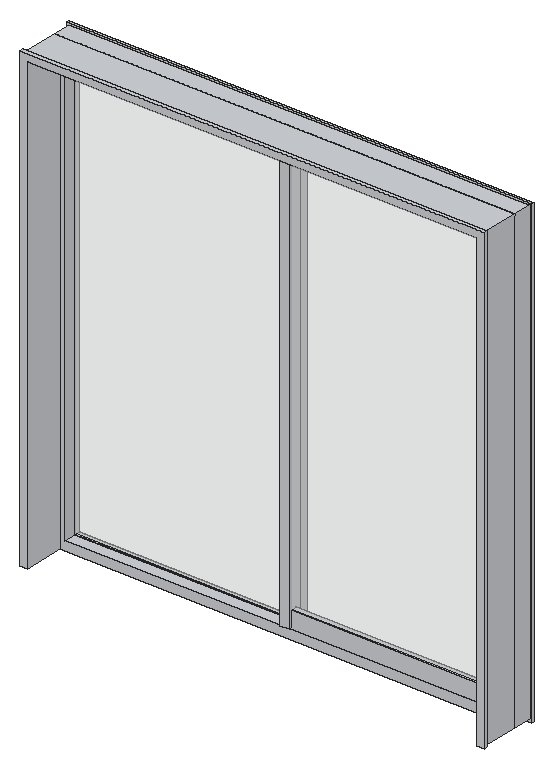
Revit family "APL Residential Thermal Heart Sliding Door SF", category Doors, host Wall, Revit 2017 (continued)
Definition of nested family "APL Residential Thermal Heart Sliding Door SF Vertical Section"
  Definition of nested family "Sill Two Panel"
    Definition of nested family "65380_Frame Sill"
      Text (mm)
        text "65380" at (9.719, 46, 0), in view "Ref. Level"
Types (2, lengths in mm): name | Rough Width | Rough Height | Liner | Height | Width | Reveal Liner | Architrave
  Liner | 2416 | 2213 | 101.3 | 2200.5 | 2401 | yes | no
  Architrave | 2500 | 2500 | 106.7 | 2487.5 | 2485 | no | yes
